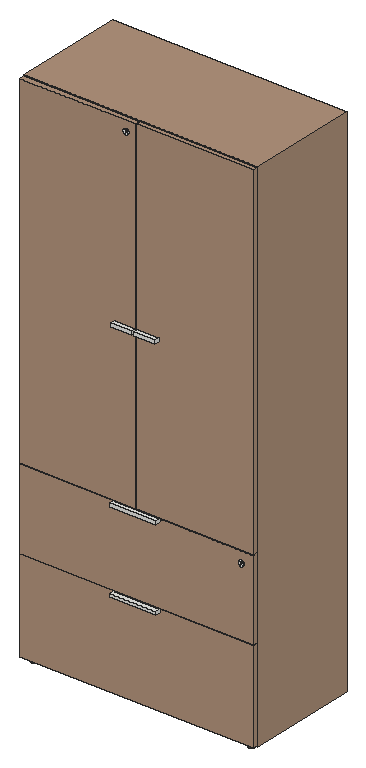
Revit family "Storage-Freestanding-Teknion-BSUS_Storage_Unit_Solid_Doors-R2019", category Furniture, Revit 2019
Family settings
  OmniClass Number = 23.40.20.00
  OmniClass Title = General Furniture and Specialties
  Work Plane-Based = No
  Always vertical = Yes
  Cut with Voids When Loaded = No
  Shared = Yes
  Room Calculation Point = No
Parameters (values of type "18" Depth")
  Width [instance] = 36.000"
  Warranty = "http://www.teknion.com/ca/papers/legal-canada"
  Unit Weight URL = "http://www.teknion.com/ca/tools/assets#&asset=bee6a381-b954-425e-8283-5a2de3a804f2,f828d448-4b62-4231-9e5f-9a8991c0ed77"
  URL = "www.teknion.com"
  Touch-to-Open Doors/Pulls on Drawers [instance] = not(Pulls)  # no
  To render please download texture images found here [instance] = "https://assets.teknion.com/web/5e81352c1dfdb467/revit-material-swatches/"
  Sustainability Data = "https://www.teknion.com/ca/tools/assets#&topic=216f99a5-57a0-44fc-b10a-9dee9b29ae4c&asset=444deb64-fe58-4b68-981e-f75e97781df7,b4ff2d81-9f2e-437d-9659-7cffb09c31cf"
  Storage Style Options [instance] = "Select one of the options below"  # constant formula
  Series = "Expansion Casegoods"  # constant formula
  Pulls [instance] = yes
  Pull Finish [instance] = Paint-Teknion-20-T-Foundation-Atrium White
  Product Page URL = "https://www.teknion.com/ca/products/product-details?productLineId=0053336e-8e7a-673b-a6c8-ff00004460c4"
  Product Line = "Expansion Casegoods"  # constant formula
  Product Documentation Link = "https://www.teknion.com/pricing/expansion-casegoods/pdfs/BSUS_ppg.pdf"
  Part Number = "BSUS"  # constant formula
  Model = "BSUS_18____"
  Manufacturer Phone = "416-661-3370"  # constant formula
  Manufacturer Fax = "416.661.4586"  # constant formula
  Manufacturer Contact Information = "http://www.teknion.com/ca/contactus"
  Manufacturer Address = "1150 Flint Road, Toronto, ON. M3J 2J5. Canada"  # constant formula
  Manufacturer = "Teknion"  # constant formula
  How To Use Teknion Materials User Guide [instance] = "https://assets.teknion.com/m/205dd0a49fa58060/original/How-to-add-a-Material-Library-and-Texture-Images-to-your-Revit-project.pdf"
  Height [instance] = 81.000"
  For Additional Finishes please visit [instance] = "https://assets.teknion.com/m/44a8009b046e5d47/original/Teknion_Materials_Library.zip"
  Door and Drawer Front Finish [instance] = Source Laminate - Teknion - 3M - Provincial Oak
  Description = "Storage Unit - Open Shelves, 18\" Depth"
  Depth = 18.000"
  Case Finish [instance] = Source Laminate - Teknion - 3M - Provincial Oak
  Available Widths [instance] = "24\", 30\", or 36\""  # constant formula
  Available Heights [instance] = "66\", 72\", or 81\""  # constant formula
  Assembly Code = "E2020200"
  Actual Height [instance] = if(Height = 81.000", 80.728", if(Height = 72.000", 71.594", 65.354"))  # 80.728"
Types (4): name | Model | Description | Depth
  (no name) | "BSUS_18____" | "Storage Unit - Open Shelves, 18\" Depth" | 18.000"
  24" Depth | "BSUS_24____" | "Storage Unit - Open Shelves, 24\" Depth" | 24.000"
  20" Depth | "BSUS_20____" | "Storage Unit - Open Shelves, 20\" Depth" | 20.000"
  18" Depth | "BSUS_18____" | "Storage Unit - Open Shelves, 18\" Depth" | 18.000"
Reference planes (in)
  plane 1 "Center Front/Back": y = 0
  plane 2: z = 0
  plane 3 "Center Left/Right": x = 0
  plane 4 "Left": x = -18
  plane 5 "Right": x = 18
  plane 6 "Back": y = 9
  plane 7 "Front": y = -9
  plane 8 "Top": z = 80.728
Forms (in)
  Sweep 1, solid, material "Source Laminate - Teknion - 3M - Provincial Oak" <- "Case Finish"
    path origin (0, 0, 0) x (1, 0, 0) y (0, 1, 0)
      loop
        line (-18, 0) -> (18, 0)
    profile origin (0, 0, 0) x (0, 1, 0) y (0, 0, 1)
      loop
        line (9, 0.60236) -> (9, 80.728) -> (-8.16142, 80.728) -> (-8.16142, 0.60236) -> (9, 0.60236)
  Sweep 2, solid, material "Source Laminate - Teknion - 3M - Provincial Oak" <- "Door and Drawer Front Finish"
    path origin (0, 0, 0) x (1, 0, 0) y (0, 1, 0)
      loop
        line (0, -9) -> (0, -8.29921)
    profile origin (0, -8.64961, 0) x (-1, 0, 0) y (0, 0, 1)
      loop
        line (18, 27.36221) -> (-18, 27.36221) -> (-18, 15) -> (18, 15) -> (18, 27.36221)
      loop
        line (-18, 14.88189) -> (-18, 0.72047) -> (18, 0.72047) -> (18, 14.88189) -> (-18, 14.88189)
      loop
        line (0.05906, 80.60989) -> (0.05906, 27.47997) -> (18, 27.47997) -> (18, 80.60989) -> (0.05906, 80.60989)
      loop
        line (-0.05906, 80.60989) -> (-18, 80.60989) -> (-18, 27.47997) -> (-0.05906, 27.47997) -> (-0.05906, 80.60989)
  Sweep 3, solid, material "Paint-Teknion-20-T-Foundation-Atrium White" <- "Pull Finish"
    path origin (0, 0, 0) x (1, 0, 0) y (0, 1, 0)
      loop
        line (0, -9) -> (0, -9.75197)
    profile origin (0, -9.37598, 0) x (1, 0, 0) y (0, 0, 1)
      loop
        line (-3.5, 26.84252) -> (3.5, 26.84252) -> (3.5, 27.34252) -> (-3.5, 27.34252) -> (-3.5, 26.84252)
      loop
        line (-3.5, 14.36221) -> (3.5, 14.36221) -> (3.5, 14.8622) -> (-3.5, 14.8622) -> (-3.5, 14.36221)
  Sweep 4, solid, material "Metal - Teknion - C6 - Chrome"
    path origin (0, 0, 0) x (1, 0, 0) y (0, 1, 0)
      loop
        line (0, -9.05905) -> (0, -9)
    profile origin (0, -9.02953, 0) x (-1, 0, 0) y (0, 0, 1)
      loop
        circle (-16.14961, 25.62992) r 0.3937
      loop
        line (-16.10039, 25.81693) -> (-16.19882, 25.81693) -> (-16.19882, 25.44291) -> (-16.10039, 25.44291) -> (-16.10039, 25.81693)
      loop
        circle (1.63386, 79.03509) r 0.3937
      loop
        line (1.68307, 79.22209) -> (1.58465, 79.22209) -> (1.58465, 78.84808) -> (1.68307, 78.84808) -> (1.68307, 79.22209)
  Sweep 5, solid, material "Plastic - Teknion - E - Ebony"
    path origin (0, 0, 0) x (1, 0, 0) y (0, 0, 1)
      loop
        line (0, 0) -> (0, 0.60236)
    profile origin (0, 0, 0.30118) x (-1, 0, 0) y (0, -1, 0)
      loop
        circle (16.74016, 7.74803) r 0.5
      loop
        circle (16.74016, -7.74804) r 0.5
      loop
        circle (-16.74016, 7.74803) r 0.5
      loop
        circle (-16.74016, -7.74804) r 0.5
  Sweep 6, solid, material "Paint-Teknion-20-T-Foundation-Atrium White" <- "Pull Finish", visible <- "Pulls"
    path origin (0, 0, 0) x (1, 0, 0) y (0, 1, 0)
      loop
        line (0, -9.75197) -> (0, -9)
    profile origin (0, -9.37598, 0) x (-1, 0, 0) y (0, 0, 1)
      loop
        line (3.4, 52.3028) -> (0.11811, 52.3028) -> (0.11811, 51.80281) -> (3.4, 51.80281) -> (3.4, 52.3028)
      loop
        line (-0.11811, 52.3028) -> (-3.4, 52.3028) -> (-3.4, 51.80281) -> (-0.11811, 51.80281) -> (-0.11811, 52.3028)
Lines and regions (in)
  Masking region 1
    outline origin (0, 0, 0) x (1, 0, 0) y (0, 1, 0)
      loop
        line (-18, 9) -> (-18, -8.16142) -> (18, -8.16142) -> (18, 9) -> (-18, 9)
  Masking region 2
    outline origin (0, 0, 0) x (1, 0, 0) y (0, 1, 0)
      loop
        line (-18, -9) -> (18, -9) -> (18, -8.29921) -> (-18, -8.29921) -> (-18, -9)
  Masking region 3
    outline origin (0, 0, 0) x (1, 0, 0) y (0, 1, 0)
      loop
        line (-3.5, -9.75197) -> (3.5, -9.75197) -> (3.5, -9) -> (-3.5, -9) -> (-3.5, -9.75197)
  symbolic lines, style "FurnitureHiddenLines", detail levels fine
    curve 1: arc (-17.24016, 7.74804, 0) -> (-16.74016, 7.24803, 0) -> (-16.24016, 7.74804, 0) r 0.5
    curve 2: arc (-16.24016, 7.74804, 0) -> (-16.74016, 8.24804, 0) -> (-17.24016, 7.74804, 0) r 0.5
    curve 3: arc (-16.24016, -7.74803, 0) -> (-16.74016, -7.24803, 0) -> (-17.24016, -7.74803, 0) r 0.5
    curve 4: arc (-17.24016, -7.74803, 0) -> (-16.74016, -8.24803, 0) -> (-16.24016, -7.74803, 0) r 0.5
    curve 5: arc (17.24016, -7.74803, 0) -> (16.74016, -7.24803, 0) -> (16.24016, -7.74803, 0) r 0.5
    curve 6: arc (16.24016, -7.74803, 0) -> (16.74016, -8.24803, 0) -> (17.24016, -7.74803, 0) r 0.5
    curve 7: arc (17.24016, 7.74804, 0) -> (16.74016, 8.24804, 0) -> (16.24016, 7.74804, 0) r 0.5
    curve 8: arc (16.24016, 7.74804, 0) -> (16.74016, 7.24803, 0) -> (17.24016, 7.74804, 0) r 0.5
  reference lines
    curve 9: line (-18, 11, 0) -> (-18, -11, 0)
    curve 10: line (18, 11, 0) -> (18, -11, 0)
Dimensions and locks (in)
  "Width": plane 4 "Left" to plane 5 "Right"
  "Depth": plane 6 "Back" to plane 7 "Front"
  "Actual Height": plane 8 "Top" to level
  equal spacing: plane 4 "Left", plane 3 "Center Left/Right", plane 5 "Right"
  equal spacing: plane 6 "Back", plane 1 "Center Front/Back", plane 7 "Front"
  locked: Sweep 1 sketch curve to level at 0.60236
  locked: plane 8 "Top" to Sweep 1 sketch curve
  plane 7 "Front" to Sweep 2 sketch curve to Sweep 2 sketch curve = 0.000" locked, 0.70079" locked
  Sweep 2 sketch curve to Sweep 2 sketch curve to Sweep 2 sketch curve to Sweep 2 sketch curve to Sweep 2 sketch curve to Sweep 2 sketch curve to level = 0.000" locked, 0.11776" locked, 12.36221" locked, 0.11811" locked, 14.16142" locked, 0.72047" locked
  Sweep 3 sketch curve to plane 7 "Front" to Sweep 3 sketch curve = 0.75197" locked, 0.000" locked
  Sweep 3 sketch curve to Sweep 3 sketch curve to Sweep 3 sketch curve to Sweep 3 sketch curve to level = 0.500" locked, 11.98032" locked, 0.500" locked, 14.36221" locked
  Sweep 3 sketch curve to Sweep 3 sketch curve to plane 3 "Center Left/Right" to Sweep 3 sketch curve to Sweep 3 sketch curve = 0.000" locked, 3.500" locked, 3.500" locked, 0.000" locked
  Sweep 4 sketch curve to plane 7 "Front" to Sweep 4 sketch curve = 0.05905" locked, 0.000" locked
  Sweep 4 sketch curve to Sweep 4 sketch curve to Sweep 4 sketch curve to plane 5 "Right" = 0.04921" locked, 0.04921" locked, 1.80118" locked
  Sweep 4 sketch curve to Sweep 4 sketch curve to Sweep 4 sketch curve to level = 0.18701" locked, 0.18701" locked, 25.44291" locked
  Sweep 5 sketch curve to level to Sweep 5 sketch curve = 0.60236" locked, 0.000" locked
  plane 4 "Left" to Sweep 5 sketch curve to Sweep 5 sketch curve = 1.25984" locked, 0.000" locked
  Sweep 5 sketch curve to Sweep 5 sketch curve to plane 5 "Right" = 0.000" locked, 1.25984" locked
  plane 6 "Back" to Sweep 5 sketch curve to Sweep 5 sketch curve = 1.25196" locked, 0.000" locked
  plane 7 "Front" to Sweep 5 sketch curve to Sweep 5 sketch curve = 1.25197" locked, 0.000" locked
  locked: plane 7 "Front" to Masking region 1 sketch curve at 0.83858
  locked: plane 7 "Front" to Masking region 2 sketch curve at 0.70079
  Masking region 3 sketch curve to plane 3 "Center Left/Right" to Masking region 3 sketch curve = 3.500" locked, 3.500" locked
  locked: Masking region 3 sketch curve to plane 7 "Front" at 0.75197
  locked: Sweep 1 sketch curve to plane 7 "Front" at 0.83858
  Sweep 2 sketch curve to plane 3 "Center Left/Right" to Sweep 2 sketch curve = 0.05906" locked, 0.05906" locked
  plane 8 "Top" to Sweep 2 sketch curve to Sweep 2 sketch curve = 0.11811" locked, 0.000" locked
  Sweep 6 sketch curve to plane 7 "Front" to Sweep 6 sketch curve = 0.000" locked, 0.75197" locked
  Sweep 6 sketch curve to Sweep 6 sketch curve to Sweep 6 sketch curve to Sweep 6 sketch curve to level = 0.000" locked, 0.500" locked, 0.000" locked, 51.80281" locked
  Sweep 6 sketch curve to Sweep 6 sketch curve to plane 3 "Center Left/Right" to Sweep 6 sketch curve to Sweep 6 sketch curve = 3.28189" locked, 0.11811" locked, 0.11811" locked, 3.28189" locked
  Sweep 4 sketch curve to Sweep 4 sketch curve to Sweep 4 sketch curve to plane 3 "Center Left/Right" = 0.04921" locked, 0.04921" locked, 1.58465" locked
  plane 8 "Top" to Sweep 4 sketch curve to Sweep 4 sketch curve to Sweep 4 sketch curve = 1.50591" locked, 0.18701" locked, 0.18701" locked
  locked: plane 7 "Front" to nested 2 at 0.70079
  locked: plane 7 "Front" to nested 1 at 0.70079
  aligned and locked: level to plane 2
  aligned and locked: plane 1 "Center Front/Back" to Sweep 1 sketch curve
  aligned and locked: plane 3 "Center Left/Right" to Sweep 2 sketch curve
  aligned and locked: plane 4 "Left" to Sweep 2 sketch curve
  aligned and locked: Sweep 2 sketch curve to plane 4 "Left"  (x2)
  aligned and locked: plane 5 "Right" to Sweep 2 sketch curve  (x2)
  aligned and locked: Sweep 2 sketch curve to plane 5 "Right"
  aligned and locked: Sweep 3 sketch curve to plane 3 "Center Left/Right"
  aligned and locked: plane 3 "Center Left/Right" to Sweep 4 sketch curve
  aligned and locked: plane 3 "Center Left/Right" to Sweep 5 sketch curve
  aligned and locked: plane 5 "Right" to Masking region 1 sketch curve
  aligned and locked: Masking region 1 sketch curve to plane 6 "Back"
  aligned and locked: plane 4 "Left" to Masking region 1 sketch curve
  aligned and locked: Masking region 2 sketch curve to plane 5 "Right"
  aligned and locked: Masking region 2 sketch curve to plane 7 "Front"
  aligned and locked: Masking region 2 sketch curve to plane 4 "Left"
  aligned and locked: Masking region 3 sketch curve to plane 7 "Front"
  aligned and locked: curve 1 to Sweep 5
  aligned and locked: curve 2 to Sweep 5
  aligned and locked: curve 3 to Sweep 5
  aligned and locked: curve 4 to Sweep 5
  aligned and locked: curve 5 to Sweep 5
  aligned and locked: curve 6 to Sweep 5
  aligned and locked: curve 7 to Sweep 5
  aligned and locked: curve 8 to Sweep 5
  aligned and locked: curve 9 to plane 4 "Left"
  aligned and locked: plane 5 "Right" to curve 10
  aligned and locked: plane 4 "Left" to Sweep 1 sketch curve
  aligned and locked: plane 5 "Right" to Sweep 1 sketch curve
  aligned and locked: plane 3 "Center Left/Right" to Sweep 6 sketch curve
  aligned and locked: Sweep 2 to nested 2
  aligned and locked: nested 2 to plane 4 "Left"
  aligned and locked: nested 2 to plane 3 "Center Left/Right"
  aligned and locked: nested 1 to plane 5 "Right"
  aligned and locked: nested 1 to plane 3 "Center Left/Right"
  aligned and locked: nested 1 to Sweep 2
  aligned and locked: plane 6 "Back" to Sweep 1 sketch curve
Automatic sketch dimensions
  plane 7 "Front" to curve 9 = 2.000"
  plane 6 "Back" to curve 9 = 2.000"
  plane 7 "Front" to curve 10 = 2.000"
  plane 6 "Back" to curve 10 = 2.000"
  radius of Sweep 5 sketch curve = 0.500"  (x4)
  radius of Sweep 4 sketch curve = 0.3937"  (x2)
Nested families (in)
  nested 1: "Door-Swing_Symbol-Teknion-2D" at (9, -8.29921, 0), type "Standard", detail levels fine
    with Swing Width 18.000", Door Thickness 0.701"
  nested 2: "Door-Swing_Symbol-Teknion-2D" at (-9, -8.29921, 0) x (-1, 0, 0) z (0, 0, 1), type "Standard", detail levels fine
    with Swing Width 18.000", Door Thickness 0.701"
Definition of nested family "Door-Swing_Symbol-Teknion-2D"
  Parameters (values of type "Standard")
    Swing Width [instance] = 26.000"
    Door Thickness [instance] = 2.000"
    Assembly Code = ""
  Reference planes (in)
    plane 1 "Center (Front/Back)": y = 0
    plane 2: z = 0
    plane 3 "Center (Left/Right)": x = 0
    plane 4: x = -13
    plane 5: x = 13
  Lines and regions (in)
    Masking region 1, in view "Ref. Level"
      outline origin (0, 0, 0) x (1, 0, 0) y (0, 1, 0)
        loop
          line (11, 0) -> (11, -26) -> (13, -26) -> (13, 0) -> (11, 0)
    detail lines, in view "Ref. Level"
      curve 1: line (13, 0, 0) -> (13, -26, 0)
      curve 2: arc (-13, 0, 0) -> (-5.38478, -18.38478, 0) -> (13, -26, 0) r 26
  Dimensions and locks (in)
    equal spacing: plane 4, plane 3 "Center (Left/Right)", plane 5
    "Swing Width": plane 4 to plane 5
    "Swing Width": curve 1 to plane 1 "Center (Front/Back)"
    "Swing Width": Masking region 1 sketch curve to Masking region 1 sketch curve
    "Door Thickness": Masking region 1 sketch curve to Masking region 1 sketch curve
    "Swing Width": radius of curve 2
    aligned and locked: plane 1 "Center (Front/Back)" to curve 1
    aligned and locked: plane 1 "Center (Front/Back)" to Masking region 1 sketch curve
    aligned and locked: Masking region 1 sketch curve to plane 5
  Automatic sketch dimensions
    curve 2 to plane 4 = 0.000"
